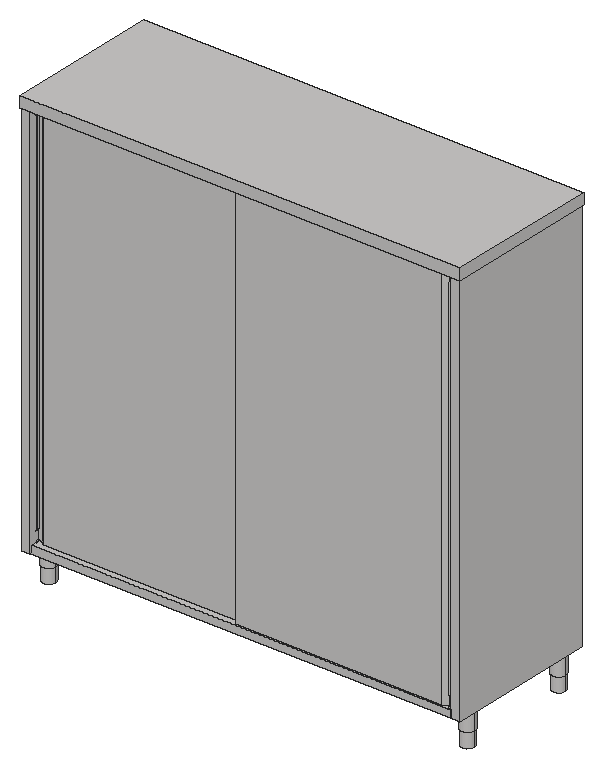
Revit family "QF_ELECTROLUXPROFESSIONAL_132802_MAS2000SPN", category Attrezzature speciali, Revit 2020
Family settings
  Quota connettore circolare = Usa diametro
  Tipo di parte = Normale
  Basato su piano di lavoro = No
  Sempre verticale = Sì
  Taglio con vuoti quando caricato = No
  Condiviso = No
  Punto di calcolo locali = No
Parameters (values of type "Standard")
  Weight = 140.00 kg
  Watts = 0 W
  Volts = 0 V
  URL Manufacturer = "https://www.electroluxprofessional.com/"
  URL = "https://www.electroluxprofessional.com/"
  Steam Supply Size = 0 mm
  Steam Supply Minimum Pressure = 0.0 Pa
  Steam Supply Maximum Pressure = 0.0 Pa
  Steam Consumption per Hour = 0
  Refrigeration Suction Line Size = 0.0 mm
  Refrigeration Liquid Line Size = 0.0 mm
  Refrigerant Compressor Remote = yes
  Prospetto di default = 0.0 mm
  Phase = 0
  Modello = "MAS2000SPN"
  Produttore = "Electrolux Professional"
  Length Actual = 2000.0 mm  # constant formula
  Item Number = "132802"
  Hot Water Size = 0 mm
  Height Actual = 2000.0 mm  # constant formula
  HP = "0 HP"
  Gas Size = 0 mm
  Gas KW = 0
  Gas Input Pressure = 0 W
  Direct Waste Size = 0 mm
  Descrizione = "STORAGE CABINET+SHELVES+SLIDING D.2000MM"
  Depth Actual = 700.0 mm  # constant formula
  Cycle = 0 Hz
  Condensate Return Size = 0 mm
  Compressed Air Volume = 0.0 L/s
  Compressed Air Size = 0 mm
  Compressed Air Pressure = 0.0 Pa
  Cold Water Size = 0 mm
  Accessory = yes
Reference planes
  plane 1 "Center (Front/Back)": y = 0
  plane 2: z = 0
  plane 3 "Center (Left/Right)": x = -300
  plane 4 "LEFT": x = -1300
  plane 5 "RIGHT": x = 700
  plane 6 "BACK": y = 350
  plane 7 "FRONT": y = -350
  plane 8 "TOP": z = 2000
  plane 9: x = -1252
  plane 10: x = 652
  plane 11: y = 270
  plane 12: y = -247
  plane 13 "FEET": z = 150
  plane 14: x = -1254.5
  plane 15: y = -344.5
  plane 16: x = 654.5
  plane 17: x = -326.5
  plane 18: x = -273.5
  plane 19 "BaseTop": z = 1950
  plane 20: x = -1294.5
  plane 21: x = 694.5
  plane 22: y = 344.5
Forms (mm)
  Extrusion 1, solid, material "QF_Finishes_Stainless Steel"
    sketch origin (0, 0, 150) x (-1, 0, 0) y (0, -1, 0)
      loop
        line (1294.5, -350) -> (1294.5, 350) -> (1254.5, 350) -> (1254.5, -350) -> (1294.5, -350)
      loop
        line (-654.5, -350) -> (-654.5, 344.5) -> (-694.5, 344.5) -> (-694.5, -350) -> (-654.5, -350)
    from 0 to 1800
  Extrusion 2, solid, material "QF_Finishes_Stainless Steel"
    sketch origin (0, 0, 150) x (-1, 0, 0) y (0, -1, 0)
      loop
        line (1254.5, -347) -> (1254.5, 344.5) -> (-654.5, 344.5) -> (-654.5, -347) -> (1254.5, -347)
    from 0 to 35
  Extrusion 3, solid, material "QF_Finishes_Stainless Steel"
    sketch origin (33, 0, 150) x (-1, 0, 0) y (0, -1, 0)
      loop
        line (306.5, 324.5) -> (306.5, 304.5) -> (1285, 304.5) -> (1285, 319.071) -> (1277.942, 326.129) -> (1276.312, 324.5) -> (1283, 317.812) -> (1283, 309.5) -> (1266.034, 309.5) -> (1246.034, 324.5) -> (306.5, 324.5)
    from 1800 to 40
  Extrusion 4, void
    sketch origin (0, -350, 0) x (-1, 0, 0) y (0, 0, 1)
      loop
        line (1242.418, 247.973) -> (1242.418, 191.4) -> (1254.5, 191.4) -> (1254.5, 229.369) -> (1242.418, 247.973)
      loop
        line (1242.418, 1916.627) -> (1254.5, 1935.231) -> (1254.5, 1950) -> (1242.418, 1950) -> (1242.418, 1916.627)
    from 20.5 to 40.5
  Extrusion 5, solid, material "QF_Finishes_Stainless Steel"
    sketch origin (0, 0, 150) x (-1, 0, 0) y (0, -1, 0)
      loop
        line (-654.5, -350) -> (1254.5, -350) -> (1254.5, -327) -> (-654.5, -327) -> (-654.5, -350)
    from 1800 to 35
  Extrusion 6, solid, material "QF_Finishes_Stainless Steel"
    sketch origin (0, 0, 1950) x (-1, 0, 0) y (0, -1, 0)
      loop
        line (1300, 350) -> (-700, 350) -> (-700, -350) -> (1300, -350) -> (1300, 350)
    from 0 to 50
  Extrusion 7, solid, material "QF_Finishes_Stainless Steel"
    sketch origin (-633, 0, 150) x (1, 0, 0) y (0, 1, 0)
      loop
        line (306.5, -344.5) -> (1246.034, -344.5) -> (1266.034, -329.5) -> (1283, -329.5) -> (1283, -337.812) -> (1276.312, -344.5) -> (1277.942, -346.129) -> (1285, -339.071) -> (1285, -324.5) -> (306.5, -324.5) -> (306.5, -344.5)
    from 1800 to 40
  Extrusion 8, void
    sketch origin (-600, -350, 0) x (1, 0, 0) y (0, 0, -1)
      loop
        line (1242.418, -247.973) -> (1254.5, -229.369) -> (1254.5, -191.4) -> (1242.418, -191.4) -> (1242.418, -247.973)
      loop
        line (1242.418, -1916.627) -> (1242.418, -1950) -> (1254.5, -1950) -> (1254.5, -1935.231) -> (1242.418, -1916.627)
    from 2.538 to 20.5
Cuts and joins
  Extrusion 4, Extrusion 8 cuts Extrusion 3
  Extrusion 8 cuts Extrusion 1
  Extrusion 8 cuts Extrusion 7
Lines and regions (mm)
  symbolic lines, style "SpecialityEquipmentHiddenLines"
    curve 1: line (-1251.5, -324.5, 1600) -> (-1251.5, -329.5, 1600)
    curve 6: line (-1300, -350, 1950) -> (700, 350, 1950)
    curve 7: line (-326.5, -324.5, 200) -> (-326.5, -344.5, 200)
    curve 8: line (-1252, -304.5, 1950) -> (-273.5, -304.5, 1950)
    curve 9: line (-273.5, -304.5, 1950) -> (-273.5, -324.5, 1950)
    curve 10: line (-273.5, -324.5, 1950) -> (-1213.034, -324.5, 1950)
    curve 11: line (-1213.034, -324.5, 1950) -> (-1233.034, -309.5, 1950)
    curve 12: line (-1233.034, -309.5, 1950) -> (-1252, -309.5, 1950)
    curve 13: line (-1252, -309.5, 1950) -> (-1252, -304.5, 1950)
    curve 14: line (-326.5, -344.5, 1950) -> (613.034, -344.5, 1950)
    curve 15: line (613.034, -344.5, 1950) -> (633.034, -329.5, 1950)
    curve 16: line (633.034, -329.5, 1950) -> (652, -329.5, 1950)
    curve 17: line (652, -329.5, 1950) -> (652, -324.5, 1950)
    curve 18: line (652, -324.5, 1950) -> (-273.5, -324.5, 1950)
  symbolic lines, style "SpecialityEquipment"
    curve 2: line (-1300, 350, 1950) -> (700, 350, 1950)
    curve 3: line (-1300, -350, 1950) -> (-1300, 350, 1950)
    curve 4: line (700, -350, 1950) -> (-1300, -350, 1950)
    curve 5: line (700, 350, 1950) -> (700, -350, 1950)
Dimensions and locks
  plane 4 "LEFT" to plane 5 "RIGHT" = 2000.0 mm
  equal spacing: plane 4 "LEFT", plane 3 "Center (Left/Right)", plane 5 "RIGHT"
  plane 6 "BACK" to plane 7 "FRONT" = 700.0 mm
  equal spacing: plane 6 "BACK", plane 1 "Center (Front/Back)", plane 7 "FRONT"
  locked: plane 13 "FEET" to level at 150
  locked: plane 4 "LEFT" to plane 9 at 48
  locked: plane 10 to plane 5 "RIGHT" at 48
  locked: plane 6 "BACK" to plane 11 at 80
  locked: plane 12 to plane 7 "FRONT" at 103
  locked: plane 8 "TOP" to level at 2000
  locked: plane 17 to plane 18 at 53
  equal spacing: plane 17, plane 3 "Center (Left/Right)", plane 18
  locked: plane 8 "TOP" to plane 19 "BaseTop" at 50
  plane 4 "LEFT" to plane 20 = 5.5 mm
  locked: plane 20 to plane 14 at 40
  locked: plane 16 to plane 21 at 40
  locked: plane 21 to plane 5 "RIGHT" at 5.5
  plane 15 to plane 7 "FRONT" = 5.5 mm  (x2)
  plane 6 "BACK" to plane 22 = 5.5 mm
  aligned and locked: level to plane 2
  aligned and locked: plane 9 to nested 1
  aligned and locked: plane 10 to nested 2
  aligned and locked: nested 4 to plane 11
  aligned and locked: plane 9 to nested 3
  aligned and locked: nested 3 to plane 11
  aligned and locked: plane 6 "BACK" to Extrusion 1 sketch curve
  aligned and locked: Extrusion 1 sketch curve to plane 6 "BACK"
  aligned and locked: Extrusion 1 sketch curve to plane 7 "FRONT"
  aligned and locked: plane 14 to Extrusion 1
  aligned and locked: Extrusion 2 to plane 14
  aligned and locked: Extrusion 2 to plane 15
  aligned and locked: nested 1 to plane 12
  aligned and locked: nested 2 to plane 12
  aligned and locked: Extrusion 2 sketch curve to plane 16
  aligned and locked: plane 18 to Extrusion 3
  aligned and locked: nested 4 to nested 2
  aligned and locked: plane 16 to Extrusion 5
  aligned and locked: Extrusion 5 to plane 14
  aligned and locked: plane 19 "BaseTop" to Extrusion 3
  aligned and locked: plane 19 "BaseTop" to Extrusion 5
  aligned and locked: plane 19 "BaseTop" to cut or joined group of Extrusion 7, Extrusion 8
  aligned and locked: plane 19 "BaseTop" to cut or joined group of Extrusion 1, Extrusion 8
Automatic sketch dimensions
  Extrusion 1 sketch curve to plane 15 = 0.0 mm
  Extrusion 1 sketch curve to plane 21 = 0.0 mm
  Extrusion 1 sketch curve to plane 16 = 0.0 mm
  Extrusion 1 sketch curve to plane 14 = 0.0 mm
  Extrusion 1 sketch curve to plane 20 = 0.0 mm
  Extrusion 2 sketch curve to plane 14 = 0.0 mm
  Extrusion 2 sketch curve to plane 15 = 0.0 mm
  plane 22 to Extrusion 2 sketch curve = 2.5 mm
  Extrusion 3 sketch curve to plane 18 = 0.0 mm
  plane 15 to Extrusion 3 sketch curve = 20.0 mm  (x2)
  Extrusion 3 sketch curve to plane 9 = 0.0 mm
  plane 9 to Extrusion 3 sketch curve = 38.966 mm
  plane 9 to Extrusion 3 sketch curve = 18.966 mm
  plane 9 to Extrusion 3 sketch curve = 8.688 mm
  plane 15 to Extrusion 3 sketch curve = 18.371 mm
  Extrusion 3 sketch curve to Extrusion 3 sketch curve = 1.629 mm
  plane 9 to Extrusion 3 sketch curve = 2.0 mm
  plane 15 to Extrusion 3 sketch curve = 35.0 mm
  Extrusion 3 sketch curve to Extrusion 3 sketch curve = 5.0 mm
  plane 9 to curve 1 = 0.5 mm
  plane 15 to curve 1 = 15.0 mm
  curve 1 to curve 1 = 5.0 mm
  curve 7 to plane 15 = 0.0 mm
  curve 7 to plane 17 = 0.0 mm
  plane 15 to curve 7 = 20.0 mm
  Extrusion 5 sketch curve to plane 6 "BACK" = 0.0 mm
  Extrusion 5 sketch curve to plane 16 = 0.0 mm
  Extrusion 5 sketch curve to plane 14 = 0.0 mm
  plane 22 to Extrusion 5 sketch curve = 17.5 mm
  Extrusion 6 sketch curve to plane 5 "RIGHT" = 0.0 mm
  Extrusion 6 sketch curve to plane 4 "LEFT" = 0.0 mm
  Extrusion 6 sketch curve to plane 6 "BACK" = 0.0 mm
  Extrusion 6 sketch curve to plane 7 "FRONT" = 0.0 mm
  Extrusion 7 sketch curve to plane 17 = 0.0 mm
  Extrusion 7 sketch curve to plane 15 = 0.0 mm  (x2)
  Extrusion 7 sketch curve to plane 10 = 0.0 mm
  plane 10 to Extrusion 7 sketch curve = 38.966 mm
  plane 10 to Extrusion 7 sketch curve = 18.966 mm
  plane 10 to Extrusion 7 sketch curve = 8.688 mm
  plane 15 to Extrusion 7 sketch curve = 1.629 mm
  Extrusion 7 sketch curve to Extrusion 7 sketch curve = 1.629 mm
  plane 10 to Extrusion 7 sketch curve = 2.0 mm
  Extrusion 7 sketch curve to plane 15 = 15.0 mm
  Extrusion 7 sketch curve to Extrusion 7 sketch curve = 5.0 mm
  Extrusion 4 sketch curve to plane 19 "BaseTop" = 0.0 mm
  Extrusion 4 sketch curve to plane 14 = 0.0 mm  (x2)
  plane 9 to Extrusion 4 sketch curve = 9.582 mm  (x2)
  Extrusion 4 sketch curve to plane 19 "BaseTop" = 14.769 mm
  plane 13 "FEET" to Extrusion 4 sketch curve = 97.973 mm
  Extrusion 4 sketch curve to Extrusion 4 sketch curve = 18.604 mm  (x2)
  Extrusion 4 sketch curve to Extrusion 4 sketch curve = 37.969 mm
  Extrusion 8 sketch curve to plane 19 "BaseTop" = 0.0 mm
  plane 16 to Extrusion 8 sketch curve = 0.0 mm
  plane 10 to Extrusion 8 sketch curve = 9.582 mm  (x2)
  Extrusion 8 sketch curve to Extrusion 8 sketch curve = 18.604 mm  (x2)
  Extrusion 8 sketch curve to Extrusion 8 sketch curve = 37.969 mm
  Extrusion 8 sketch curve to plane 16 = 0.0 mm
  plane 19 "BaseTop" to Extrusion 8 sketch curve = 14.769 mm
  Extrusion 8 sketch curve to plane 13 "FEET" = 97.973 mm
  curve 6 to plane 5 "RIGHT" = 0.0 mm
  curve 17 to plane 10 = 0.0 mm
  curve 14 to plane 15 = 0.0 mm
  curve 10 to plane 18 = 0.0 mm
  curve 14 to plane 17 = 0.0 mm
  curve 12 to plane 9 = 0.0 mm
  curve 4 to plane 4 "LEFT" = 0.0 mm
  curve 2 to plane 6 "BACK" = 0.0 mm
  curve 5 to plane 7 "FRONT" = 0.0 mm
  curve 16 to plane 10 = 18.966 mm
  curve 15 to curve 14 = 20.0 mm
  plane 9 to curve 10 = 38.966 mm
  curve 12 to curve 12 = 18.966 mm
  curve 8 to curve 12 = 5.0 mm
  curve 8 to curve 10 = 20.0 mm
  plane 15 to curve 17 = 15.0 mm
  curve 17 to curve 16 = 5.0 mm
Nested families
  nested 1: "FEET_D60-150" at (-1252, -247, 0), type "FEET_D60-150"
  nested 2: "FEET_D60-150" at (652, -247, 0), type "FEET_D60-150"
  nested 3: "FEET_D60-150" at (-1252, 270, 0), type "FEET_D60-150"
  nested 4: "FEET_D60-150" at (652, 270, 0), type "FEET_D60-150"
Definition of nested family "FEET_D60-150"
  Parameters
    Default Elevation = 0.0 mm
    FEET = 150.0 mm
  Reference planes
    plane 1 "Center (Front/Back)": y = 0
    plane 2: z = 0
    plane 3 "Center (Left/Right)": x = 0
    plane 4: z = 150
  Forms (mm)
    Extrusion 1, solid
      sketch origin (0, 0, 0) x (1, 0, 0) y (0, 1, 0)
        loop
          circle (0, 0) r 28
      from 0 to 67
    Revolve 2, solid
      sketch origin (0, 0, 0) x (1, 0, 0) y (0, 0, 1)
        loop
          line (0, 0) -> (0, 150) -> (-32.939, 150) -> (-32.939, 67) -> (-30, 67) -> (-30, 0) -> (0, 0)
        axis (0, 150) -> (0, 0)
      angle from 0 to 360
  Lines and regions (mm)
    symbolic lines
      curve 1: line (0, -1.503, 0) -> (0, 1.508, 0)
      curve 2: line (1.561, 0, 0) -> (-1.439, 0, 0)
  Dimensions and locks
    "FEET": plane 4 to plane 2
    aligned and locked: level to plane 2
  Automatic sketch dimensions
    plane 1 "Center (Front/Back)" to Extrusion 1 sketch curve = 0.0 mm
    Extrusion 1 sketch curve to plane 3 "Center (Left/Right)" = 0.0 mm
    plane 1 "Center (Front/Back)" to curve 2 = 0.0 mm
    curve 1 to plane 3 "Center (Left/Right)" = 0.0 mm
    curve 2 to plane 3 "Center (Left/Right)" = 1.439 mm
    plane 3 "Center (Left/Right)" to curve 2 = 1.561 mm
    plane 1 "Center (Front/Back)" to curve 1 = 1.503 mm
    curve 1 to plane 1 "Center (Front/Back)" = 1.508 mm
    Revolve 2 sketch curve to plane 4 = 0.0 mm
    Revolve 2 sketch curve to level = 0.0 mm
    Revolve 2 sketch curve to plane 3 "Center (Left/Right)" = 0.0 mm  (x2)
    Revolve 2 sketch curve to plane 3 "Center (Left/Right)" = 30.0 mm
    Revolve 2 sketch curve to plane 3 "Center (Left/Right)" = 32.939 mm
    level to Revolve 2 sketch curve = 67.0 mm
    Revolve 2 sketch curve to level = 42.207 mm
    Revolve 2 sketch curve to Revolve 2 sketch curve = 10.0 mm
    radius of Extrusion 1 sketch curve = 28.0 mm
